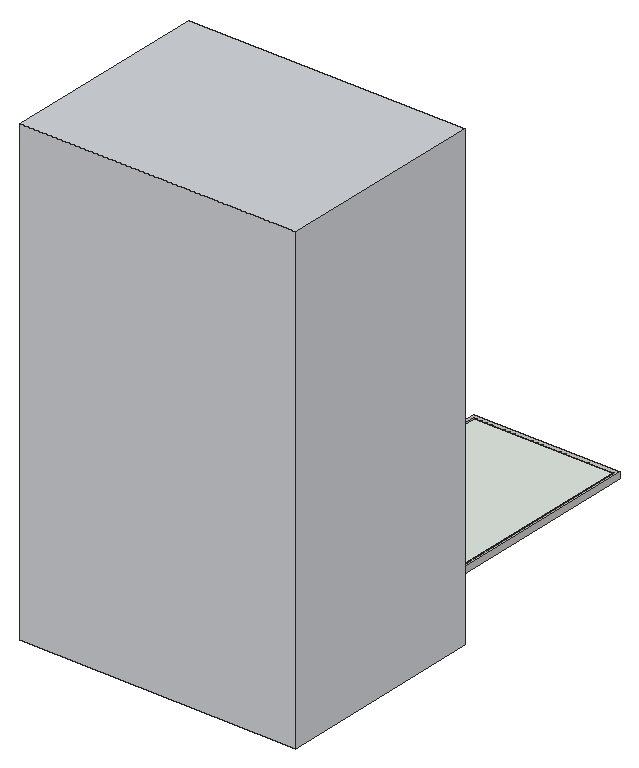
Revit family
Parameters
  Warranty Duration (Years) = 0
  Unit Width [instance] = 2' - 0"
  Unit Height [instance] = 6' - 0"
  Unit Depth = 0' - 1"
  URL = "http://www.americanspecialties.com/viewCategories.cfm"
  Trim Material = Glass
  Test Data = ""
  Specification = "http://www.arcat.com/sdspecs/htm/10810asi.htm"
  SpecWizard = ""
  Send Message = "http://www.arcat.com/users.pl?action=UserEmail&company=American%20Specialties,%20Inc.&coid=30448&rep=139&fax=914-476-0688&mf="
  Sales Information = "http://www.americanspecialties.com/contact"
  Revision = "R1_10-2010"
  Product Properties = "http://www.americanspecialties.com/datasheets/06201.pdf"
  Product Data = "http://www.arcat.com/arcatcos/cos30/arc30448.html"
  Model = "As Specified in 10 28 13"
  Mirror W [instance] = 1' - 11"
  Mirror Height = 5' - 11 1/2"
  Manufacturer Website = "http://www.americanspecialties.com/viewCategories.cfm"
  Manufacturer Phone - Toll Free = ""
  Manufacturer Phone = "914-476-9000 "
  Manufacturer Fax = "914-476-0688"
  Manufacturer Address = "441 Saw Mill River Rd., Yonkers, NY 10701"
  Manufacturer = "American Specialties, Inc."
  Maintenance Schedule (Months) = 0
  M = if(B = 0' 4", 0' 3 205/256", 0' 0 7/8")  # 0' - 0 7/8"
  Keynote = "10 28 13"
  Installation-Fabrication = "http://www.americanspecialties.com/products.cfm"
  Green Building-LEED = ""
  Expected Lifespan (Years) = 0
  Drawn By = "Robert S. Weygant. CSI, CDT, SCIP"  # constant formula
  Description = "Toilet Accessory as Specified in 10 28 13"
  Default Elevation = 4' - 0"
  Copyright = "©Arcat Inc."
  Construction Details = "http://www.arcat.com/green/clients/leed_data_30448.html"
  Building Codes = "http://www.americanspecialties.com/products.cfm"
  Body Material = Metal - Stainless Steel
  B = 0' - 1"
  Assembly Code = "C1030210"
Reference planes (in)
  plane 1 "Center (Front/Back)": y = -0.29112
  plane 2 "Floor Line": z = 0
  plane 3 "Center (Left/Right)": x = -0.65843
  plane 4: z = 84
  plane 5: x = -12.65843
  plane 6: x = 11.34157
  plane 7: z = 48
  plane 8: z = 120
  plane 9: x = 10.84157
  plane 10: x = -12.15843
Forms (in)
  Extrusion 1, solid
    sketch origin (-3, -9, -6) x (0, 0, -1) y (1, 0, 0)
      loop
        line (-82, 26) -> (-82, -19.34712) -> (-6, -19.34712) -> (-6, 26) -> (-82, 26)
    from 9 to -25.60721
  Extrusion 2, solid, material "Metal - Stainless Steel" <- "Body Material"
    sketch origin (-8.65843, 1.75, 0) x (0, 1, 0) y (0, 0, 1)
      loop
        line (-10.79112, 0) -> (61.20888, 0) -> (61.20888, 1) -> (-10.79112, 1) -> (-10.79112, 0)
    from -4 to 20
  Extrusion 3, solid, material "Glass" <- "Trim Material"
    sketch origin (-0.65843, 0, 0) x (0, 1, 0) y (0, 0, 1)
      loop
        line (-9.04112, 0.875) -> (-9.04112, 0) -> (62.45888, 0) -> (62.45888, 0.875) -> (-9.04112, 0.875)
    from -11.5 to 11.5
  Extrusion 4, void
    sketch origin (-0.65843, 0, 0) x (0, 1, 0) y (0, 0, 1)
      loop
        line (62.45888, 0.25) -> (62.45888, 4.08757) -> (-8.54112, 4.08757) -> (-8.54112, 0.25) -> (62.45888, 0.25)
    from -11.5 to 11.5
Cuts and joins
  Extrusion 4 cuts Extrusion 2
Dimensions and locks (in)
  equal spacing: plane 8, plane 4, plane 7
  equal spacing: plane 6, plane 3 "Center (Left/Right)", plane 5
  "Unit Width": plane 6 to plane 5
  "Unit Height": plane 8 to plane 7
  "Default Elevation": plane 7 to plane 2 "Floor Line"
  "Unit Height": Extrusion 2 sketch curve to Extrusion 2 sketch curve
  locked: Extrusion 2 sketch curve to Extrusion 2 sketch curve at 1
  "B": Extrusion 2 sketch curve to Extrusion 2 sketch curve
  locked: cut or joined group of Extrusion 2, Extrusion 4 to cut or joined group of Extrusion 2, Extrusion 4 at 0.5  (x2)
  "Mirror W": plane 10 to plane 9
  equal spacing: plane 10, plane 3 "Center (Left/Right)", plane 9
  "M": Extrusion 3 sketch curve to Extrusion 3 sketch curve
  locked: Extrusion 3 sketch curve to Extrusion 3 sketch curve at 0.875
  aligned and locked: Extrusion 1 to level
  aligned and locked: plane 6 to cut or joined group of Extrusion 2, Extrusion 4
  aligned and locked: cut or joined group of Extrusion 2, Extrusion 4 to plane 5
  aligned and locked: Extrusion 3 to plane 9
  aligned and locked: Extrusion 3 to plane 10
  aligned and locked: Extrusion 3 to Extrusion 4
Automatic sketch dimensions
  Extrusion 1 sketch curve to Extrusion 1 sketch curve = 6' - 4"
  Extrusion 1 sketch curve to Extrusion 1 sketch curve = 3' - 9.34712"
  Extrusion 2 sketch curve to level = 0' - 0"
  plane 1 "Center (Front/Back)" to Extrusion 2 sketch curve = 0' - 8 3/4"
  level to Extrusion 4 sketch curve = 0' - 0 1/4"
  plane 1 "Center (Front/Back)" to Extrusion 4 sketch curve = 0' - 8 1/4"
  level to Extrusion 4 sketch curve = 0' - 4.08757"
  Extrusion 4 sketch curve to plane 1 "Center (Front/Back)" = 5' - 2 3/4"
  plane 1 "Center (Front/Back)" to Extrusion 3 sketch curve = 0' - 8 3/4"
  Extrusion 3 sketch curve to plane 1 "Center (Front/Back)" = 5' - 2 3/4"
  Extrusion 3 sketch curve to level = 0' - 0"
